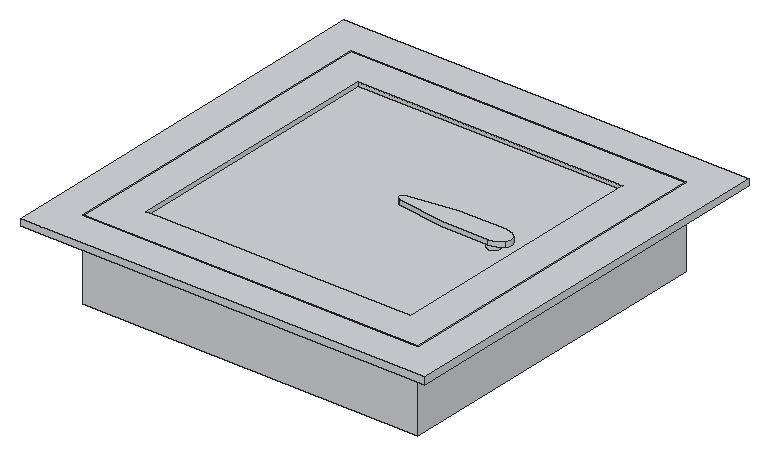
Revit family "WID", category Generic Models, host Face, Revit 2018
Family settings
  Host = Face
  Can host rebar = No
  Round Connector Dimension = Use Diameter
  Part Type = Normal
  Cut with Voids When Loaded = No
  Shared = No
  Room Calculation Point = No
Parameters (values of type "WID-12"x12"x1"")
  Width = 1' - 0"
  URL = "WWW.MIFAB.COM"
  Model = "WID"
  Material = none
  Manufacturer = "MIFAB"
  Insulation Thickness = 0' - 1"
  Height = 1' - 0"
  Description = "EXTERIOR ACCESS DOOR / WALK-IN DOOR"
  Default Elevation = 4' - 0"
Types (17): name | Width | Insulation Thickness | Height
  (no name) | 1' - 0" | 0' - 1" | 1' - 0"
  WID-12"x24"x1" | 1' - 0" | 0' - 1" | 2' - 0"
  WID-12"x12"x1" | 1' - 0" | 0' - 1" | 1' - 0"
  WID-14"x14"x1" | 1' - 2" | 0' - 1" | 1' - 2"
  WID-16"x16"x1" | 1' - 4" | 0' - 1" | 1' - 4"
  WID-16"x20"x1" | 1' - 4" | 0' - 1" | 1' - 8"
  WID-16"x36"x1" | 1' - 4" | 0' - 1" | 3' - 0"
  WID-18"x18"x1" | 1' - 6" | 0' - 1" | 1' - 6"
  WID-20"x30"x1" | 1' - 8" | 0' - 1" | 2' - 6"
  WID-22"x30"x1" | 1' - 10" | 0' - 4" | 2' - 6"
  WID-22"x36"x1" | 1' - 10" | 0' - 1" | 3' - 0"
  WID-24"x24""x1" | 2' - 0" | 0' - 1" | 2' - 0"
  WID-24"x36"x1" | 2' - 0" | 0' - 1" | 3' - 0"
  WID-30"x30"x1" | 2' - 6" | 0' - 1" | 2' - 6"
  WID-30'"x60"x1" | 2' - 6" | 0' - 1" | 5' - 0"
  WID-36"x36"x1" | 3' - 0" | 0' - 1" | 3' - 0"
  WID-36"x48"x1" | 3' - 0" | 0' - 1" | 4' - 0"
Reference planes (in)
  plane 1 "Center (Front/Back)": y = 0
  plane 2: z = 0
  plane 3 "Center (Left/Right)": x = 0
  plane 4: x = -6
  plane 5: x = 6
  plane 6: y = 6
  plane 7: y = -6
  plane 8: x = -7.25
  plane 9: x = 7.25
  plane 10: y = -7.25
  plane 11: y = 7.25
  plane 12: z = 0.23622
  plane 13: z = -0.76378
  plane 14: z = 0.23622
  plane 15: z = 0.10148
  plane 16: x = 3.94152
  plane 17: z = -2.625
Forms (in)
  Sweep 1, solid, material <- "Material"
    path origin (0, 0, 0) x (1, 0, 0) y (0, 1, 0)
      loop
        line (7.25, 7.25) -> (-7.25, 7.25) -> (-7.25, -7.25) -> (7.25, -7.25) -> (7.25, 7.25)
    profile origin (7.25, 0, 0) x (1, 0, 0) y (0, 0, 1)
      loop
        line (0, 0) -> (0, 0.23622) -> (-1.25, 0.23622) -> (-1.25, 0) -> (0, 0)
  Extrusion 2, solid, material <- "Material"
    sketch origin (0, 0, 0) x (1, 0, 0) y (0, 1, 0)
      loop
        line (-6, 6) -> (-6, -6) -> (6, -6) -> (6, 6) -> (-6, 6)
      loop
        line (5.76563, 5.76562) -> (-5.76562, 5.76562) -> (-5.76562, -5.76563) -> (5.76563, -5.76563) -> (5.76563, 5.76562)
    from -2.625 to -0.76378
  Extrusion 3, void
    sketch origin (0, 0, 0) x (1, 0, 0) y (0, 1, 0)
      loop
        line (-6, 6) -> (-6, -6) -> (6, -6) -> (6, 6) -> (-6, 6)
    from -2.625 to 0
  Sweep 4, solid, material <- "Material"
    path origin (0, 0, 0) x (1, 0, 0) y (0, 1, 0)
      loop
        line (6, 6) -> (-6, 6) -> (-6, -6) -> (6, -6) -> (6, 6)
    profile origin (6, 0, 0) x (1, 0, 0) y (0, 0, 1)
      loop
        line (0, 0.23622) -> (-1.25, 0.23622) -> (-1.25, -0.76378) -> (0, -0.76378) -> (0, 0.23622)
  Extrusion 5, solid, material <- "Material"
    sketch origin (0, 0, 0) x (1, 0, 0) y (0, 1, 0)
      loop
        line (-4.75, 4.75) -> (-4.75, -4.75) -> (4.75, -4.75) -> (4.75, 4.75) -> (-4.75, 4.75)
    from -0.76378 to 0.10148
Dimensions and locks (in)
  equal spacing: plane 7, plane 1 "Center (Front/Back)", plane 6
  locked: plane 11 to plane 6 at 1.25
  locked: plane 7 to plane 10 at 1.25
  "Height": plane 7 to plane 6
  equal spacing: plane 4, plane 3 "Center (Left/Right)", plane 5
  "Width": plane 4 to plane 5
  locked: plane 8 to plane 4 at 1.25
  locked: plane 5 to plane 9 at 1.25
  locked: plane 12 to profile plane at 0.23622
  locked: plane 7 to Extrusion 2 sketch curve at 0.23437
  locked: plane 6 to Extrusion 2 sketch curve at 0.23438
  locked: Extrusion 2 sketch curve to plane 5 at 0.23438
  locked: plane 4 to Extrusion 2 sketch curve at 0.23438
  "Insulation Thickness": plane 14 to plane 13
  locked: plane 13 to plane 17 at 1.86122
  locked: plane 14 to plane 2 at 0.23622
  locked: Sweep 4 sketch curve to profile plane at 1.25
  locked: plane 14 to plane 15 at 0.13474
  locked: plane 16 to plane 5 at 2.05848
  host face to plane 17 = 0' - 2 5/8"
  aligned and locked: plane 2 to host face
  aligned and locked: level to host face
  aligned and locked: plane 9 to Sweep 1 sketch curve
  aligned and locked: plane 11 to Sweep 1 sketch curve
  aligned and locked: Sweep 1 sketch curve to plane 8
  aligned and locked: Sweep 1 sketch curve to plane 10
  aligned and locked: profile plane to Sweep 1 sketch curve  (x2)
  aligned and locked: Sweep 1 sketch curve to plane 5
  aligned and locked: plane 12 to Sweep 1 sketch curve
  aligned and locked: Extrusion 2 sketch curve to plane 4
  aligned and locked: Extrusion 2 sketch curve to plane 6
  aligned and locked: plane 5 to Extrusion 2 sketch curve
  aligned and locked: plane 7 to Extrusion 2 sketch curve
  aligned and locked: plane 13 to Extrusion 2
  aligned and locked: Extrusion 3 sketch curve to plane 4
  aligned and locked: Extrusion 3 sketch curve to plane 6
  aligned and locked: plane 5 to Extrusion 3 sketch curve
  aligned and locked: plane 7 to Extrusion 3 sketch curve
  aligned and locked: plane 2 to Extrusion 3
  aligned and locked: plane 5 to Sweep 4 sketch curve
  aligned and locked: Sweep 4 sketch curve to plane 6
  aligned and locked: Sweep 4 sketch curve to plane 4
  aligned and locked: plane 7 to Sweep 4 sketch curve
  aligned and locked: Sweep 4 sketch curve to plane 5
  aligned and locked: Sweep 4 sketch curve to plane 13
  aligned and locked: plane 14 to Sweep 4 sketch curve
  aligned and locked: Extrusion 5 sketch curve to Sweep 4  (x4)
  aligned and locked: Extrusion 5 to plane 13
  aligned and locked: Extrusion 5 to plane 15
  aligned and locked: plane 1 "Center (Front/Back)" to nested 1
  aligned and locked: nested 1 to plane 16
  aligned and locked: Extrusion 2 to plane 17
  aligned and locked: Extrusion 3 to Extrusion 2
Automatic sketch dimensions
  host sketch curve to host sketch curve = 3' - 6 1/2"
  host sketch curve to host sketch curve = 4' - 6 1/2"
Nested families (in)
  nested 1: "Handle" at (3.94152, 0, 0.10148), type "Handle"
Definition of nested family "Handle"
  Parameters (values of type "Handle")
    Material = none
    Default Elevation = 4' - 0"
  Reference planes (in)
    plane 1 "Center (Front/Back)": y = 0
    plane 2: z = 0
    plane 3 "Center (Left/Right)": x = 0
  Forms (in)
    Extrusion 1, solid
      sketch origin (0, 0, 0) x (1, 0, 0) y (0, 1, 0)
        loop
          line (-48, 48) -> (-48, -48) -> (48, -48) -> (48, 48) -> (-48, 48)
      from 0 to -12
    Extrusion 2, solid, material <- "Material"
      sketch origin (-3.78692, 0, -0.19685) x (1, 0, 0) y (0, 1, 0)
        loop
          arc (0.52095, 0.14651) -> (0.40271, 0) -> (0.52095, -0.14651) r 0.14989
          arc (0.52095, -0.14651) -> (2.19522, -0.38905) -> (3.88693, -0.39932) r 12.28754
          arc (3.88693, -0.39932) -> (4.13445, -0.33467) -> (4.33953, -0.18174) r 0.66811
          arc (4.33953, -0.18174) -> (4.40975, 0) -> (4.33953, 0.18174) r 0.2703
          arc (4.33953, 0.18174) -> (4.13445, 0.33467) -> (3.88693, 0.39932) r 0.66811
          arc (3.88693, 0.39932) -> (2.19522, 0.38905) -> (0.52095, 0.14651) r 12.28754
      from 0.43977 to 0.60169
    Extrusion 3, solid, material <- "Material"
      sketch origin (-3.78692, 0, -0.19685) x (1, 0, 0) y (0, 1, 0)
        loop
          circle (3.78692, 0) r 0.25
      from 0.19685 to 0.43977
  Dimensions and locks (in)
    aligned and locked: plane 2 to Extrusion 1
    aligned and locked: level to Extrusion 1
    aligned and locked: Extrusion 3 to level
